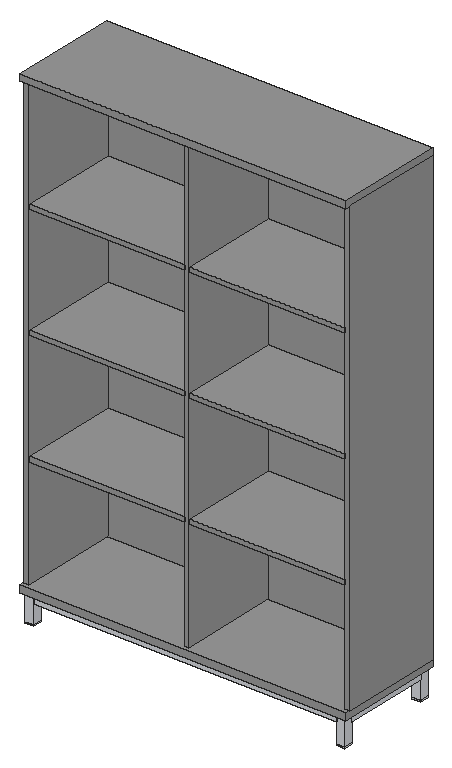
Revit family "Open Fronted Modular Storage With Glass Door Options", category Furniture, Revit 2019 (continued)
Definition of nested family "Glass Doors - GHD2 - Level 1"
  Definition of nested family "Handle Type C-1"
    Lines and regions (mm)
      model lines, detail levels coarse+medium
        curve 1: line (68, 0, 981.138) -> (-68, 0, 981.138)
      model lines, not visible, detail levels coarse+medium
        curve 2: line (0, 0, 986.138) -> (0, 0, 976.138)
      model lines, not visible
        curve 3: line (0, 0, 981.138) -> (0, -30, 981.138)
        curve 5: line (-75, 0, 976.138) -> (-75, 0, 986.138)
        curve 6: line (75, 0, 986.138) -> (75, 0, 976.138)
      sketch lines
        curve 4: arc (-78.75, 3.75, 981.138) -> (0, -30, 981.138) -> (78.75, 3.75, 981.138) r 108.75
    Dimensions and locks
      equal spacing: plane 4, plane 3 "Center (Left/Right)", plane 5
      locked: plane 4 to plane 5 at 950
      equal spacing: plane 7, plane 1 "Center (Front/Back)", plane 8
      locked: plane 7 to plane 8 at 520
      aligned and locked: level to plane 2
    Automatic sketch dimensions
      curve 3 to plane 1 "Center (Front/Back)" = 0 mm
      plane 1 "Center (Front/Back)" to curve 3 = 30 mm
      curve 2 to plane 3 "Center (Left/Right)" = 0 mm
      level to curve 2 = 976.138 mm
      curve 1 to plane 3 "Center (Left/Right)" = 68 mm
      curve 5 to curve 1 = 7 mm
      plane 3 "Center (Left/Right)" to curve 1 = 68 mm
      curve 1 to curve 6 = 7 mm
      curve 6 to curve 2 = 0 mm
      curve 5 to curve 2 = 0 mm
      curve 5 to curve 1 = 5 mm
      curve 1 to curve 6 = 5 mm
      curve 1 to curve 5 = 5 mm
      curve 2 to curve 2 = 10 mm
      plane 1 "Center (Front/Back)" to Extrusion 1 sketch curve = 0 mm
      Extrusion 1 sketch curve to plane 1 "Center (Front/Back)" = 27.401 mm
      plane 3 "Center (Left/Right)" to Extrusion 1 sketch curve = 96.638 mm
      Extrusion 1 sketch curve to plane 3 "Center (Left/Right)" = 90.862 mm
      Sweep 2 sketch curve to profile plane = 0 mm  (x2)
      level to curve 3 = 981.138 mm
      radius of Sweep 2 sketch curve = 5 mm
  Definition of nested family "Handle Type B-1"
    Parameters (values of type "Handle Type B-1")
      URL = "www.gof.co.uk"
      Type Comments = ""
      Range = "STORAGE"
      Handle Type B = none
      Product Code = "Handle Type B"
      Model = ""
      Manufacturer = "Gresham Office Furniture"  # constant formula
      Assembly Code = "E2020200"
    Reference planes
      plane 1 "Center (Front/Back)": y = 0
      plane 2: z = 0
      plane 3 "Center (Left/Right)": x = 0
      plane 4: x = -475
      plane 5: x = 475
      plane 6: y = 260
      plane 7: y = -260
    Forms (mm)
      Extrusion 1, void
        sketch origin (872.923, -128.373, 994.578) x (0, 1, 0) y (-1, 0, 0)
          loop
            line (71.667, 873.923) -> (71.667, 872.291) -> (97.075, 872.291) -> (97.075, 873.923) -> (71.667, 873.923)
        from -6 to 6
      Extrusion 2, solid
        sketch origin (988.138, 0, 994.578) x (0, 0, 1) y (-1, 0, 0)
          loop
            circle (0, 1063.138) r 4
          loop
            circle (0, 913.138) r 4
        from 0 to 10.354
      Sweep 3, solid
        path in 3D
          loop
            arc (-85, -5, 994.578) -> (0, -30, 994.578) -> (85, -5, 994.578) r 157
        profile origin (0, -30, 994.578) x (0, 1, 0) y (0, 0, 1)
          loop
            spline (0, 7.5) -> (-0.776, 7.244) -> (-1.5, 6.495) -> (-2.121, 5.303) -> (-2.598, 3.75) -> (-2.898, 1.941) -> (-3, 0) -> (-2.898, -1.941) -> (-2.598, -3.75) -> (-2.121, -5.303) -> (-1.5, -6.495) -> (-0.776, -7.244) -> (0, -7.5)
            spline (0, -7.5) -> (0.776, -7.244) -> (1.5, -6.495) -> (2.121, -5.303) -> (2.598, -3.75) -> (2.898, -1.941) -> (3, 0) -> (2.898, 1.941) -> (2.598, 3.75) -> (2.121, 5.303) -> (1.5, 6.495) -> (0.776, 7.244) -> (0, 7.5)
      Extrusion 4, void
        sketch origin (867.923, -128.373, 994.578) x (0, 1, 0) y (-1, 0, 0)
          loop
            line (71.667, 873.923) -> (71.667, 872.291) -> (97.075, 872.291) -> (97.075, 873.923) -> (71.667, 873.923)
        from -6 to 6
      Extrusion 5, void
        sketch origin (862.923, -128.373, 994.578) x (0, 1, 0) y (-1, 0, 0)
          loop
            line (71.667, 873.923) -> (71.667, 872.291) -> (98.373, 872.291) -> (98.373, 873.923) -> (71.667, 873.923)
        from -6 to 6
      Extrusion 6, void
        sketch origin (857.923, -128.373, 994.578) x (0, 1, 0) y (-1, 0, 0)
          loop
            line (71.667, 873.923) -> (71.667, 872.291) -> (98.373, 872.291) -> (98.373, 873.923) -> (71.667, 873.923)
        from -6 to 6
      Extrusion 7, void
        sketch origin (852.923, -128.373, 994.578) x (0, 1, 0) y (-1, 0, 0)
          loop
            line (71.667, 873.923) -> (71.667, 872.291) -> (98.842, 872.291) -> (98.842, 873.923) -> (71.667, 873.923)
        from -6 to 6
      Extrusion 8, void
        sketch origin (847.923, -128.373, 994.578) x (0, 1, 0) y (-1, 0, 0)
          loop
            line (71.667, 873.923) -> (71.667, 872.291) -> (99.385, 872.291) -> (99.385, 873.923) -> (71.667, 873.923)
        from -6 to 6
      Extrusion 9, void
        sketch origin (842.923, -128.373, 994.578) x (0, 1, 0) y (-1, 0, 0)
          loop
            line (71.667, 873.923) -> (71.667, 872.291) -> (100.2, 872.291) -> (100.2, 873.923) -> (71.667, 873.923)
        from -6 to 6
      Extrusion 10, void
        sketch origin (837.923, -128.373, 994.578) x (0, 1, 0) y (-1, 0, 0)
          loop
            line (71.667, 873.923) -> (71.667, 872.291) -> (100.984, 872.291) -> (100.984, 873.923) -> (71.667, 873.923)
        from -6 to 6
      Extrusion 11, void
        sketch origin (832.923, -128.373, 994.578) x (0, 1, 0) y (-1, 0, 0)
          loop
            line (71.667, 873.923) -> (71.667, 872.291) -> (102.35, 872.291) -> (102.35, 873.923) -> (71.667, 873.923)
        from -6 to 6
      Extrusion 12, void
        sketch origin (-867.923, -128.373, 994.578) x (0, 1, 0) y (-1, 0, 0)
          loop
            line (71.667, -873.923) -> (97.075, -873.923) -> (97.075, -872.291) -> (71.667, -872.291) -> (71.667, -873.923)
        from -6 to 6
      Extrusion 13, void
        sketch origin (-862.923, -128.373, 994.578) x (0, 1, 0) y (-1, 0, 0)
          loop
            line (71.667, -873.923) -> (98.373, -873.923) -> (98.373, -872.291) -> (71.667, -872.291) -> (71.667, -873.923)
        from -6 to 6
      Extrusion 14, void
        sketch origin (-857.923, -128.373, 994.578) x (0, 1, 0) y (-1, 0, 0)
          loop
            line (71.667, -873.923) -> (98.373, -873.923) -> (98.373, -872.291) -> (71.667, -872.291) -> (71.667, -873.923)
        from -6 to 6
      Extrusion 15, void
        sketch origin (-852.923, -128.373, 994.578) x (0, 1, 0) y (-1, 0, 0)
          loop
            line (71.667, -873.923) -> (98.842, -873.923) -> (98.842, -872.291) -> (71.667, -872.291) -> (71.667, -873.923)
        from -6 to 6
      Extrusion 16, void
        sketch origin (-847.923, -128.373, 994.578) x (0, 1, 0) y (-1, 0, 0)
          loop
            line (71.667, -873.923) -> (99.385, -873.923) -> (99.385, -872.291) -> (71.667, -872.291) -> (71.667, -873.923)
        from -6 to 6
      Extrusion 17, void
        sketch origin (-842.923, -128.373, 994.578) x (0, 1, 0) y (-1, 0, 0)
          loop
            line (71.667, -873.923) -> (100.2, -873.923) -> (100.2, -872.291) -> (71.667, -872.291) -> (71.667, -873.923)
        from -6 to 6
      Extrusion 18, void
        sketch origin (-837.923, -128.373, 994.578) x (0, 1, 0) y (-1, 0, 0)
          loop
            line (71.667, -873.923) -> (100.984, -873.923) -> (100.984, -872.291) -> (71.667, -872.291) -> (71.667, -873.923)
        from -6 to 6
      Extrusion 19, void
        sketch origin (-832.923, -128.373, 994.578) x (0, 1, 0) y (-1, 0, 0)
          loop
            line (71.667, -873.923) -> (102.35, -873.923) -> (102.35, -872.291) -> (71.667, -872.291) -> (71.667, -873.923)
        from -6 to 6
    Cuts and joins
      Extrusion 1, Extrusion 4, Extrusion 5, Extrusion 6, Extrusion 7, Extrusion 8, Extrusion 9, Extrusion 10, Extrusion 11, Extrusion 12, Extrusion 13, Extrusion 14, Extrusion 15, Extrusion 16, Extrusion 17, Extrusion 18, Extrusion 19 cuts Sweep 3
    Lines and regions (mm)
      model lines, not visible, detail levels coarse+medium
        curve 1: line (75, 0, 999.578) -> (75, 0, 989.578)
      model lines, not visible
        curve 2: line (-75, 0, 999.578) -> (-75, 0, 989.578)
        curve 4: line (0, 0, 994.578) -> (0, -30, 994.578)
        curve 6: line (0, 0, 999.578) -> (0, 0, 989.578)
      model lines
        curve 3: line (-75, 0, 994.578) -> (75, 0, 994.578)
      sketch lines
        curve 5: arc (-85, -5, 994.578) -> (0, -30, 994.578) -> (85, -5, 994.578) r 157
    Dimensions and locks
      equal spacing: plane 4, plane 3 "Center (Left/Right)", plane 5
      locked: plane 4 to plane 5 at 950
      equal spacing: plane 6, plane 1 "Center (Front/Back)", plane 7
      locked: plane 6 to plane 7 at 520
      aligned and locked: level to plane 2
    Automatic sketch dimensions
      curve 4 to curve 4 = 30 mm
      curve 6 to plane 3 "Center (Left/Right)" = 0 mm
      plane 3 "Center (Left/Right)" to curve 1 = 75 mm
      level to curve 1 = 989.578 mm
      curve 3 to plane 3 "Center (Left/Right)" = 75 mm
      curve 2 to curve 1 = 0 mm
      curve 6 to curve 1 = 0 mm
      curve 2 to curve 3 = 5 mm
      curve 6 to curve 6 = 10 mm
      curve 3 to curve 2 = 5 mm
      curve 3 to curve 1 = 5 mm
      plane 3 "Center (Left/Right)" to Extrusion 1 sketch curve = 0.632 mm
      plane 1 "Center (Front/Back)" to Extrusion 1 sketch curve = 56.707 mm
      Extrusion 1 sketch curve to Extrusion 1 sketch curve = 25.409 mm
      Extrusion 1 sketch curve to plane 3 "Center (Left/Right)" = 1 mm
      plane 3 "Center (Left/Right)" to Extrusion 2 sketch curve = 75 mm
      level to Extrusion 2 sketch curve = 994.578 mm
      Extrusion 2 sketch curve to plane 3 "Center (Left/Right)" = 75 mm
      Extrusion 2 sketch curve to Extrusion 2 sketch curve = 0 mm
      Sweep 3 sketch curve to profile plane = 0 mm  (x2)
      Sweep 3 sketch curve to Sweep 3 sketch curve = 7.5 mm
      Extrusion 4 sketch curve to plane 3 "Center (Left/Right)" = 4.368 mm
      plane 1 "Center (Front/Back)" to Extrusion 4 sketch curve = 56.707 mm
      Extrusion 4 sketch curve to Extrusion 4 sketch curve = 25.409 mm
      Extrusion 4 sketch curve to Extrusion 4 sketch curve = 1.632 mm
      Extrusion 5 sketch curve to plane 3 "Center (Left/Right)" = 9.368 mm
      plane 1 "Center (Front/Back)" to Extrusion 5 sketch curve = 56.707 mm
      Extrusion 5 sketch curve to Extrusion 5 sketch curve = 26.707 mm
      Extrusion 5 sketch curve to Extrusion 5 sketch curve = 1.632 mm
      Extrusion 6 sketch curve to plane 3 "Center (Left/Right)" = 14.368 mm
      plane 1 "Center (Front/Back)" to Extrusion 6 sketch curve = 56.707 mm
      Extrusion 6 sketch curve to Extrusion 6 sketch curve = 26.707 mm
      Extrusion 6 sketch curve to Extrusion 6 sketch curve = 1.632 mm
      Extrusion 7 sketch curve to plane 3 "Center (Left/Right)" = 19.368 mm
      plane 1 "Center (Front/Back)" to Extrusion 7 sketch curve = 56.707 mm
      Extrusion 7 sketch curve to Extrusion 7 sketch curve = 27.176 mm
      Extrusion 7 sketch curve to Extrusion 7 sketch curve = 1.632 mm
      Extrusion 8 sketch curve to plane 3 "Center (Left/Right)" = 24.368 mm
      plane 1 "Center (Front/Back)" to Extrusion 8 sketch curve = 56.707 mm
      Extrusion 8 sketch curve to Extrusion 8 sketch curve = 27.719 mm
      Extrusion 8 sketch curve to Extrusion 8 sketch curve = 1.632 mm
      plane 1 "Center (Front/Back)" to Extrusion 9 sketch curve = 56.707 mm
      plane 1 "Center (Front/Back)" to Extrusion 9 sketch curve = 28.173 mm
      Extrusion 9 sketch curve to plane 3 "Center (Left/Right)" = 29.368 mm
      Extrusion 9 sketch curve to Extrusion 9 sketch curve = 1.632 mm
      plane 1 "Center (Front/Back)" to Extrusion 10 sketch curve = 56.707 mm
      plane 1 "Center (Front/Back)" to Extrusion 10 sketch curve = 27.389 mm
      Extrusion 10 sketch curve to plane 3 "Center (Left/Right)" = 34.368 mm
      Extrusion 10 sketch curve to Extrusion 10 sketch curve = 1.632 mm
      plane 1 "Center (Front/Back)" to Extrusion 11 sketch curve = 56.707 mm
      plane 1 "Center (Front/Back)" to Extrusion 11 sketch curve = 26.024 mm
      Extrusion 11 sketch curve to plane 3 "Center (Left/Right)" = 39.368 mm
      Extrusion 11 sketch curve to Extrusion 11 sketch curve = 1.632 mm
      plane 3 "Center (Left/Right)" to Extrusion 12 sketch curve = 4.368 mm
      plane 1 "Center (Front/Back)" to Extrusion 12 sketch curve = 56.707 mm
      Extrusion 12 sketch curve to Extrusion 12 sketch curve = 25.409 mm
      Extrusion 12 sketch curve to Extrusion 12 sketch curve = 1.632 mm
      plane 3 "Center (Left/Right)" to Extrusion 13 sketch curve = 9.368 mm
      plane 1 "Center (Front/Back)" to Extrusion 13 sketch curve = 56.707 mm
      Extrusion 13 sketch curve to Extrusion 13 sketch curve = 26.707 mm
      Extrusion 13 sketch curve to Extrusion 13 sketch curve = 1.632 mm
      plane 3 "Center (Left/Right)" to Extrusion 14 sketch curve = 14.368 mm
      plane 1 "Center (Front/Back)" to Extrusion 14 sketch curve = 56.707 mm
      Extrusion 14 sketch curve to Extrusion 14 sketch curve = 26.707 mm
      Extrusion 14 sketch curve to Extrusion 14 sketch curve = 1.632 mm
      plane 3 "Center (Left/Right)" to Extrusion 15 sketch curve = 19.368 mm
      plane 1 "Center (Front/Back)" to Extrusion 15 sketch curve = 56.707 mm
      Extrusion 15 sketch curve to Extrusion 15 sketch curve = 27.176 mm
      Extrusion 15 sketch curve to Extrusion 15 sketch curve = 1.632 mm
      plane 3 "Center (Left/Right)" to Extrusion 16 sketch curve = 24.368 mm
      plane 1 "Center (Front/Back)" to Extrusion 16 sketch curve = 56.707 mm
      Extrusion 16 sketch curve to Extrusion 16 sketch curve = 27.719 mm
      Extrusion 16 sketch curve to Extrusion 16 sketch curve = 1.632 mm
      plane 1 "Center (Front/Back)" to Extrusion 17 sketch curve = 56.707 mm
      plane 1 "Center (Front/Back)" to Extrusion 17 sketch curve = 28.173 mm
      plane 3 "Center (Left/Right)" to Extrusion 17 sketch curve = 31 mm
      Extrusion 17 sketch curve to Extrusion 17 sketch curve = 1.632 mm
      plane 1 "Center (Front/Back)" to Extrusion 18 sketch curve = 56.707 mm
      plane 1 "Center (Front/Back)" to Extrusion 18 sketch curve = 27.389 mm
      plane 3 "Center (Left/Right)" to Extrusion 18 sketch curve = 36 mm
      Extrusion 18 sketch curve to Extrusion 18 sketch curve = 1.632 mm
      plane 1 "Center (Front/Back)" to Extrusion 19 sketch curve = 56.707 mm
      plane 1 "Center (Front/Back)" to Extrusion 19 sketch curve = 26.024 mm
      plane 3 "Center (Left/Right)" to Extrusion 19 sketch curve = 41 mm
      Extrusion 19 sketch curve to Extrusion 19 sketch curve = 1.632 mm
      curve 4 to plane 1 "Center (Front/Back)" = 0 mm
      level to curve 4 = 994.578 mm
      radius of Extrusion 2 sketch curve = 4 mm  (x2)
  Definition of nested family "Handle Type D-1"
    Parameters (values of type "Handle Type D-1")
      URL = "www.gof.co.uk"
      Type Comments = ""
      Range = "STORAGE"
      Handle Type D = none
      Product Code = "Handle Type D"
      Model = ""
      Manufacturer = "Gresham Office Furniture"  # constant formula
      Assembly Code = "E2020200"
    Reference planes
      plane 1 "Center (Front/Back)": y = 0
      plane 2: z = 0
      plane 3 "Center (Left/Right)": x = 0
      plane 4: x = -475
      plane 5: x = 475
      plane 6: y = 260
      plane 7: y = -260
    Forms (mm)
      Extrusion 1, solid
        sketch origin (994.578, 0, 994.578) x (0, 0, 1) y (0, 1, 0)
          loop
            line (5, 0) -> (-5, 0) -> (-5, -6.91)
            arc (-5, -6.91) -> (-7.006, -15.176) -> (0, -20) r 7.5
            arc (0, -20) -> (7.006, -15.176) -> (5, -6.91) r 7.5
            line (5, -6.91) -> (5, 0)
        from 919.578 to 1069.578
    Lines and regions (mm)
      model lines, not visible, detail levels coarse+medium
        curve 1: line (75, 0, 999.578) -> (75, 0, 989.578)
        curve 2: line (-75, 0, 999.578) -> (-75, 0, 989.578)
      model lines, detail levels coarse+medium
        curve 3: line (-75, 0, 994.578) -> (75, 0, 994.578)
      model lines, not visible
        curve 4: line (0, 0, 999.578) -> (0, 0, 989.578)
    Dimensions and locks
      aligned and locked: level to plane 2
Definition of nested family "Glass Doors - GHD2 - Level 3"
  Parameters (values of type "Glass Doors - GHD2 - Level 3")
    Width = 1200 mm
    URL = "www.gof.co.uk"
    Range = "STORAGE"
    Product Data Specification = ""
    Product Code = "GHD2"
    Product Brochure = ""
    Model = "BOOKCASE"
    Manufacturer = "Gresham Office Furniture"  # constant formula
    Height = 1816 mm
    Handle Type D [instance] = no
    Handle Type C [instance] = yes
    Handle Type B [instance] = no
    Doors = none
    Depth = 378 mm
  Reference planes
    plane 1 "Center (Front/Back)": y = 0
    plane 2: z = 0
    plane 3 "Center (Left/Right)": x = 0
    plane 4: x = -600
    plane 5: x = 600
    plane 6: y = 189
    plane 7 "Front": y = -189
    plane 8 "Storage Top": z = 1816
    plane 9: z = 1803.5
    plane 10 "Door Front": y = -171
    plane 11: z = 112.5
    plane 12: z = 1791
    plane 13: z = 1400
    plane 14: z = 984
    plane 15: z = 959
    plane 16: z = 1375
    plane 17: z = 125
    plane 18: z = 100
  Forms (mm)
    Extrusion 1, solid, material <- "Doors"
      sketch origin (-839.743, -182, 1951.4) x (1, 0, 0) y (0, 0, 1)
        loop
          line (840.743, -992.4) -> (1439.743, -992.4) -> (1439.743, -163.4) -> (840.743, -163.4) -> (840.743, -992.4)
      from 0 to 7
    Extrusion 2, solid, material <- "Doors"
      sketch origin (839.743, -182, 1951.4) x (-1, 0, 0) y (0, 0, -1)
        loop
          line (840.743, 992.4) -> (840.743, 163.4) -> (1439.743, 163.4) -> (1439.743, 992.4) -> (840.743, 992.4)
      from 0 to 7
    Extrusion 3, solid
      sketch origin (0, -189, 832) x (-1, 0, 0) y (0, 0, 1)
        loop
          arc (570, 926) -> (553, 909) -> (570, 892) r 17
          line (570, 892) -> (595, 892) -> (595, 926) -> (570, 926)
      from 0 to -5
    Extrusion 4, solid
      sketch origin (0, -189, 832) x (1, 0, 0) y (0, 0, -1)
        loop
          line (570, -926) -> (595, -926) -> (595, -892) -> (570, -892)
          arc (570, -892) -> (553, -909) -> (570, -926) r 17
      from 0 to -5
    Extrusion 5, solid
      sketch origin (0, -189, 1943) x (1, 0, 0) y (0, 0, -1)
        loop
          arc (570, 954) -> (553, 937) -> (570, 920) r 17
          line (570, 920) -> (595, 920) -> (595, 954) -> (570, 954)
      from 0 to -5
    Extrusion 6, solid
      sketch origin (0, -189, 1943) x (-1, 0, 0) y (0, 0, 1)
        loop
          line (570, -954) -> (595, -954) -> (595, -920) -> (570, -920)
          arc (570, -920) -> (553, -937) -> (570, -954) r 17
      from 0 to -5
  Dimensions and locks
    equal spacing: plane 4, plane 3 "Center (Left/Right)", plane 5
    "Width": plane 4 to plane 5
    equal spacing: plane 6, plane 1 "Center (Front/Back)", plane 7 "Front"
    "Depth": plane 6 to plane 7 "Front"
    "Height": plane 8 "Storage Top" to plane 2
    locked: plane 8 "Storage Top" to plane 9 at 12.5
    locked: plane 10 "Door Front" to plane 7 "Front" at 18
    locked: plane 11 to level at 112.5
    locked: plane 8 "Storage Top" to plane 12 at 25
    plane 12 to plane 11 = 1678.5 mm  (x2)
    locked: plane 13 to level at 1400
    locked: plane 14 to level at 984
    locked: plane 14 to plane 15 at 25
    locked: plane 13 to plane 16 at 25
    locked: plane 17 to plane 18 at 25
    locked: Extrusion 1 sketch curve to plane 3 "Center (Left/Right)" at 1
    locked: Extrusion 1 to nested 2 at 99
    locked: Extrusion 1 to nested 3 at 99
    locked: Extrusion 2 to nested 6 at 99
    locked: Extrusion 2 to nested 5 at 99
    locked: Extrusion 2 to Extrusion 3 at 5
    locked: Extrusion 2 to Extrusion 3 at 30
    locked: Extrusion 4 to plane 5 at 5
    locked: Extrusion 1 to nested 1 at 99
    locked: nested 1 to Extrusion 1 at 84
    locked: Extrusion 2 to nested 4 at 99
    locked: nested 4 to Extrusion 2 at 84
    locked: Extrusion 5 to Extrusion 1 at 30
    locked: Extrusion 1 to Extrusion 5 at 5
    locked: Extrusion 2 to Extrusion 6 at 5
    locked: plane 12 to Extrusion 1 at 3
    locked: Extrusion 6 to Extrusion 2 at 30
    Extrusion 2 to nested 4 = 99 mm
    aligned and locked: level to plane 2
    aligned and locked: Extrusion 4 to Extrusion 3
    aligned and locked: Extrusion 6 to Extrusion 5
    aligned and locked: Extrusion 2 to plane 15
  Automatic sketch dimensions
    Extrusion 2 sketch curve to plane 4 = 0 mm
    Extrusion 2 sketch curve to plane 3 "Center (Left/Right)" = 1 mm
    Extrusion 2 sketch curve to plane 12 = 3 mm
    plane 14 to Extrusion 2 sketch curve = 25 mm
    plane 4 to Extrusion 3 sketch curve = 30 mm
    plane 4 to Extrusion 3 sketch curve = 5 mm
    Extrusion 3 sketch curve to plane 12 = 67 mm
    Extrusion 3 sketch curve to Extrusion 3 sketch curve = 17 mm
    Extrusion 4 sketch curve to plane 5 = 30 mm
    Extrusion 4 sketch curve to plane 5 = 5 mm
    plane 12 to Extrusion 4 sketch curve = 67 mm
    Extrusion 4 sketch curve to Extrusion 4 sketch curve = 17 mm
    plane 5 to Extrusion 1 sketch curve = 0 mm
    Extrusion 1 sketch curve to plane 15 = 0 mm
    Extrusion 1 sketch curve to plane 12 = 3 mm
    Extrusion 5 sketch curve to plane 14 = 5 mm
    plane 5 to Extrusion 5 sketch curve = 30 mm
    plane 5 to Extrusion 5 sketch curve = 5 mm
    Extrusion 5 sketch curve to Extrusion 5 sketch curve = 17 mm
    plane 14 to Extrusion 6 sketch curve = 5 mm
    Extrusion 6 sketch curve to plane 4 = 30 mm
    Extrusion 6 sketch curve to plane 4 = 5 mm
    Extrusion 6 sketch curve to Extrusion 6 sketch curve = 17 mm
  Nested families
    nested 1: "Handle Type C-1" at (175, -189, 61.862) x (-1, 0, 0) z (0, 0, 1), visible <- "Handle Type C", type "Handle Type C-1"
    nested 2: "Handle Type B-1" at (175, -189, 48.422) x (-1, 0, 0) z (0, 0, 1), visible <- "Handle Type B", type "Handle Type B-1"
    nested 3: "Handle Type D-1" at (175, -189, 48.422) x (-1, 0, 0) z (0, 0, 1), visible <- "Handle Type D", type "Handle Type D-1"
    nested 4: "Handle Type C-1" at (-175, -189, 61.862), visible <- "Handle Type C", type "Handle Type C-1"
    nested 5: "Handle Type B-1" at (-175, -189, 48.422), visible <- "Handle Type B", type "Handle Type B-1"
    nested 6: "Handle Type D-1" at (-175, -189, 48.422), visible <- "Handle Type D", type "Handle Type D-1"
  Definition of nested family "Handle Type C-1"
    Parameters (values of type "Handle Type C-1")
      URL = "www.gof.co.uk"
      Type Comments = ""
      Range = "STORAGE"
      Handle Type C = none
      Product Code = "Handle Type C"
      Model = ""
      Manufacturer = "Gresham Office Furniture"  # constant formula
      Assembly Code = "E2020200"
    Reference planes
      plane 1 "Center (Front/Back)": y = 0
      plane 2: z = 0
      plane 3 "Center (Left/Right)": x = 0
      plane 4: x = -475
      plane 5: x = 475
      plane 6 "Storage Top": z = 2007
      plane 7: y = 260
      plane 8: y = -260
    Forms (mm)
      Extrusion 1, void
        sketch origin (981.138, 0, 981.138) x (0, 1, 0) y (-1, 0, 0)
          loop
            line (0, 1072) -> (0, 884.5) -> (27.401, 884.5) -> (27.401, 1072) -> (0, 1072)
        from -12.204 to 11.22
      Sweep 2, solid, material <- "Handle Type C"
        path in 3D
          loop
            arc (-78.75, 3.75, 981.138) -> (0, -30, 981.138) -> (78.75, 3.75, 981.138) r 108.75
        profile origin (0, -30, 981.138) x (0, 1, 0) y (0, 0, 1)
          loop
            circle (0, 0) r 5
    Cuts and joins
      Extrusion 1 cuts Sweep 2
    Lines and regions (mm)
      model lines, detail levels coarse+medium
        curve 1: line (68, 0, 981.138) -> (-68, 0, 981.138)
      model lines, not visible, detail levels coarse+medium
        curve 2: line (0, 0, 986.138) -> (0, 0, 976.138)
      model lines, not visible
        curve 3: line (0, 0, 981.138) -> (0, -30, 981.138)
        curve 5: line (-75, 0, 976.138) -> (-75, 0, 986.138)
        curve 6: line (75, 0, 986.138) -> (75, 0, 976.138)
      sketch lines
        curve 4: arc (-78.75, 3.75, 981.138) -> (0, -30, 981.138) -> (78.75, 3.75, 981.138) r 108.75
    Dimensions and locks
      equal spacing: plane 4, plane 3 "Center (Left/Right)", plane 5
      locked: plane 4 to plane 5 at 950
      equal spacing: plane 7, plane 1 "Center (Front/Back)", plane 8
      locked: plane 7 to plane 8 at 520
      aligned and locked: level to plane 2
    Automatic sketch dimensions
      curve 3 to plane 1 "Center (Front/Back)" = 0 mm
      plane 1 "Center (Front/Back)" to curve 3 = 30 mm
      curve 2 to plane 3 "Center (Left/Right)" = 0 mm
      level to curve 2 = 976.138 mm
      curve 1 to plane 3 "Center (Left/Right)" = 68 mm
      curve 5 to curve 1 = 7 mm
      plane 3 "Center (Left/Right)" to curve 1 = 68 mm
      curve 1 to curve 6 = 7 mm
      curve 6 to curve 2 = 0 mm
      curve 5 to curve 2 = 0 mm
      curve 5 to curve 1 = 5 mm
      curve 1 to curve 6 = 5 mm
      curve 1 to curve 5 = 5 mm
      curve 2 to curve 2 = 10 mm
      plane 1 "Center (Front/Back)" to Extrusion 1 sketch curve = 0 mm
      Extrusion 1 sketch curve to plane 1 "Center (Front/Back)" = 27.401 mm
      plane 3 "Center (Left/Right)" to Extrusion 1 sketch curve = 96.638 mm
      Extrusion 1 sketch curve to plane 3 "Center (Left/Right)" = 90.862 mm
      Sweep 2 sketch curve to profile plane = 0 mm  (x2)
      level to curve 3 = 981.138 mm
      radius of Sweep 2 sketch curve = 5 mm
  Definition of nested family "Handle Type B-1"
    Parameters (values of type "Handle Type B-1")
      URL = "www.gof.co.uk"
      Type Comments = ""
      Range = "STORAGE"
      Handle Type B = none
      Product Code = "Handle Type B"
      Model = ""
      Manufacturer = "Gresham Office Furniture"  # constant formula
      Assembly Code = "E2020200"
    Reference planes
      plane 1 "Center (Front/Back)": y = 0
      plane 2: z = 0
      plane 3 "Center (Left/Right)": x = 0
      plane 4: x = -475
      plane 5: x = 475
      plane 6: y = 260
      plane 7: y = -260
    Forms (mm)
      Extrusion 1, void
        sketch origin (872.923, -128.373, 994.578) x (0, 1, 0) y (-1, 0, 0)
          loop
            line (71.667, 873.923) -> (71.667, 872.291) -> (97.075, 872.291) -> (97.075, 873.923) -> (71.667, 873.923)
        from -6 to 6
      Extrusion 2, solid
        sketch origin (988.138, 0, 994.578) x (0, 0, 1) y (-1, 0, 0)
          loop
            circle (0, 1063.138) r 4
          loop
            circle (0, 913.138) r 4
        from 0 to 10.354
      Sweep 3, solid
        path in 3D
          loop
            arc (-85, -5, 994.578) -> (0, -30, 994.578) -> (85, -5, 994.578) r 157
        profile origin (0, -30, 994.578) x (0, 1, 0) y (0, 0, 1)
          loop
            spline (0, 7.5) -> (-0.776, 7.244) -> (-1.5, 6.495) -> (-2.121, 5.303) -> (-2.598, 3.75) -> (-2.898, 1.941) -> (-3, 0) -> (-2.898, -1.941) -> (-2.598, -3.75) -> (-2.121, -5.303) -> (-1.5, -6.495) -> (-0.776, -7.244) -> (0, -7.5)
            spline (0, -7.5) -> (0.776, -7.244) -> (1.5, -6.495) -> (2.121, -5.303) -> (2.598, -3.75) -> (2.898, -1.941) -> (3, 0) -> (2.898, 1.941) -> (2.598, 3.75) -> (2.121, 5.303) -> (1.5, 6.495) -> (0.776, 7.244) -> (0, 7.5)
      Extrusion 4, void
        sketch origin (867.923, -128.373, 994.578) x (0, 1, 0) y (-1, 0, 0)
          loop
            line (71.667, 873.923) -> (71.667, 872.291) -> (97.075, 872.291) -> (97.075, 873.923) -> (71.667, 873.923)
        from -6 to 6
      Extrusion 5, void
        sketch origin (862.923, -128.373, 994.578) x (0, 1, 0) y (-1, 0, 0)
          loop
            line (71.667, 873.923) -> (71.667, 872.291) -> (98.373, 872.291) -> (98.373, 873.923) -> (71.667, 873.923)
        from -6 to 6
      Extrusion 6, void
        sketch origin (857.923, -128.373, 994.578) x (0, 1, 0) y (-1, 0, 0)
          loop
            line (71.667, 873.923) -> (71.667, 872.291) -> (98.373, 872.291) -> (98.373, 873.923) -> (71.667, 873.923)
        from -6 to 6
      Extrusion 7, void
        sketch origin (852.923, -128.373, 994.578) x (0, 1, 0) y (-1, 0, 0)
          loop
            line (71.667, 873.923) -> (71.667, 872.291) -> (98.842, 872.291) -> (98.842, 873.923) -> (71.667, 873.923)
        from -6 to 6
      Extrusion 8, void
        sketch origin (847.923, -128.373, 994.578) x (0, 1, 0) y (-1, 0, 0)
          loop
            line (71.667, 873.923) -> (71.667, 872.291) -> (99.385, 872.291) -> (99.385, 873.923) -> (71.667, 873.923)
        from -6 to 6
      Extrusion 9, void
        sketch origin (842.923, -128.373, 994.578) x (0, 1, 0) y (-1, 0, 0)
          loop
            line (71.667, 873.923) -> (71.667, 872.291) -> (100.2, 872.291) -> (100.2, 873.923) -> (71.667, 873.923)
        from -6 to 6
      Extrusion 10, void
        sketch origin (837.923, -128.373, 994.578) x (0, 1, 0) y (-1, 0, 0)
          loop
            line (71.667, 873.923) -> (71.667, 872.291) -> (100.984, 872.291) -> (100.984, 873.923) -> (71.667, 873.923)
        from -6 to 6
      Extrusion 11, void
        sketch origin (832.923, -128.373, 994.578) x (0, 1, 0) y (-1, 0, 0)
          loop
            line (71.667, 873.923) -> (71.667, 872.291) -> (102.35, 872.291) -> (102.35, 873.923) -> (71.667, 873.923)
        from -6 to 6
      Extrusion 12, void
        sketch origin (-867.923, -128.373, 994.578) x (0, 1, 0) y (-1, 0, 0)
          loop
            line (71.667, -873.923) -> (97.075, -873.923) -> (97.075, -872.291) -> (71.667, -872.291) -> (71.667, -873.923)
        from -6 to 6
      Extrusion 13, void
        sketch origin (-862.923, -128.373, 994.578) x (0, 1, 0) y (-1, 0, 0)
          loop
            line (71.667, -873.923) -> (98.373, -873.923) -> (98.373, -872.291) -> (71.667, -872.291) -> (71.667, -873.923)
        from -6 to 6
      Extrusion 14, void
        sketch origin (-857.923, -128.373, 994.578) x (0, 1, 0) y (-1, 0, 0)
          loop
            line (71.667, -873.923) -> (98.373, -873.923) -> (98.373, -872.291) -> (71.667, -872.291) -> (71.667, -873.923)
        from -6 to 6
      Extrusion 15, void
        sketch origin (-852.923, -128.373, 994.578) x (0, 1, 0) y (-1, 0, 0)
          loop
            line (71.667, -873.923) -> (98.842, -873.923) -> (98.842, -872.291) -> (71.667, -872.291) -> (71.667, -873.923)
        from -6 to 6
      Extrusion 16, void
        sketch origin (-847.923, -128.373, 994.578) x (0, 1, 0) y (-1, 0, 0)
          loop
            line (71.667, -873.923) -> (99.385, -873.923) -> (99.385, -872.291) -> (71.667, -872.291) -> (71.667, -873.923)
        from -6 to 6
      Extrusion 17, void
        sketch origin (-842.923, -128.373, 994.578) x (0, 1, 0) y (-1, 0, 0)
          loop
            line (71.667, -873.923) -> (100.2, -873.923) -> (100.2, -872.291) -> (71.667, -872.291) -> (71.667, -873.923)
        from -6 to 6
      Extrusion 18, void
        sketch origin (-837.923, -128.373, 994.578) x (0, 1, 0) y (-1, 0, 0)
          loop
            line (71.667, -873.923) -> (100.984, -873.923) -> (100.984, -872.291) -> (71.667, -872.291) -> (71.667, -873.923)
        from -6 to 6
      Extrusion 19, void
        sketch origin (-832.923, -128.373, 994.578) x (0, 1, 0) y (-1, 0, 0)
          loop
            line (71.667, -873.923) -> (102.35, -873.923) -> (102.35, -872.291) -> (71.667, -872.291) -> (71.667, -873.923)
        from -6 to 6
    Cuts and joins
      Extrusion 1, Extrusion 4, Extrusion 5, Extrusion 6, Extrusion 7, Extrusion 8, Extrusion 9, Extrusion 10, Extrusion 11, Extrusion 12, Extrusion 13, Extrusion 14, Extrusion 15, Extrusion 16, Extrusion 17, Extrusion 18, Extrusion 19 cuts Sweep 3
    Lines and regions (mm)
      model lines, not visible, detail levels coarse+medium
        curve 1: line (75, 0, 999.578) -> (75, 0, 989.578)
      model lines, not visible
        curve 2: line (-75, 0, 999.578) -> (-75, 0, 989.578)
        curve 4: line (0, 0, 994.578) -> (0, -30, 994.578)
        curve 6: line (0, 0, 999.578) -> (0, 0, 989.578)
      model lines
        curve 3: line (-75, 0, 994.578) -> (75, 0, 994.578)
      sketch lines
        curve 5: arc (-85, -5, 994.578) -> (0, -30, 994.578) -> (85, -5, 994.578) r 157
    Dimensions and locks
      equal spacing: plane 4, plane 3 "Center (Left/Right)", plane 5
      locked: plane 4 to plane 5 at 950
      equal spacing: plane 6, plane 1 "Center (Front/Back)", plane 7
      locked: plane 6 to plane 7 at 520
      aligned and locked: level to plane 2
    Automatic sketch dimensions
      curve 4 to curve 4 = 30 mm
      curve 6 to plane 3 "Center (Left/Right)" = 0 mm
      plane 3 "Center (Left/Right)" to curve 1 = 75 mm
      level to curve 1 = 989.578 mm
      curve 3 to plane 3 "Center (Left/Right)" = 75 mm
      curve 2 to curve 1 = 0 mm
      curve 6 to curve 1 = 0 mm
      curve 2 to curve 3 = 5 mm
      curve 6 to curve 6 = 10 mm
      curve 3 to curve 2 = 5 mm
      curve 3 to curve 1 = 5 mm
      plane 3 "Center (Left/Right)" to Extrusion 1 sketch curve = 0.632 mm
      plane 1 "Center (Front/Back)" to Extrusion 1 sketch curve = 56.707 mm
      Extrusion 1 sketch curve to Extrusion 1 sketch curve = 25.409 mm
      Extrusion 1 sketch curve to plane 3 "Center (Left/Right)" = 1 mm
      plane 3 "Center (Left/Right)" to Extrusion 2 sketch curve = 75 mm
      level to Extrusion 2 sketch curve = 994.578 mm
      Extrusion 2 sketch curve to plane 3 "Center (Left/Right)" = 75 mm
      Extrusion 2 sketch curve to Extrusion 2 sketch curve = 0 mm
      Sweep 3 sketch curve to profile plane = 0 mm  (x2)
      Sweep 3 sketch curve to Sweep 3 sketch curve = 7.5 mm
      Extrusion 4 sketch curve to plane 3 "Center (Left/Right)" = 4.368 mm
      plane 1 "Center (Front/Back)" to Extrusion 4 sketch curve = 56.707 mm
      Extrusion 4 sketch curve to Extrusion 4 sketch curve = 25.409 mm
      Extrusion 4 sketch curve to Extrusion 4 sketch curve = 1.632 mm
      Extrusion 5 sketch curve to plane 3 "Center (Left/Right)" = 9.368 mm
      plane 1 "Center (Front/Back)" to Extrusion 5 sketch curve = 56.707 mm
      Extrusion 5 sketch curve to Extrusion 5 sketch curve = 26.707 mm
      Extrusion 5 sketch curve to Extrusion 5 sketch curve = 1.632 mm
      Extrusion 6 sketch curve to plane 3 "Center (Left/Right)" = 14.368 mm
      plane 1 "Center (Front/Back)" to Extrusion 6 sketch curve = 56.707 mm
      Extrusion 6 sketch curve to Extrusion 6 sketch curve = 26.707 mm
      Extrusion 6 sketch curve to Extrusion 6 sketch curve = 1.632 mm
      Extrusion 7 sketch curve to plane 3 "Center (Left/Right)" = 19.368 mm
      plane 1 "Center (Front/Back)" to Extrusion 7 sketch curve = 56.707 mm
      Extrusion 7 sketch curve to Extrusion 7 sketch curve = 27.176 mm
      Extrusion 7 sketch curve to Extrusion 7 sketch curve = 1.632 mm
      Extrusion 8 sketch curve to plane 3 "Center (Left/Right)" = 24.368 mm
      plane 1 "Center (Front/Back)" to Extrusion 8 sketch curve = 56.707 mm
      Extrusion 8 sketch curve to Extrusion 8 sketch curve = 27.719 mm
      Extrusion 8 sketch curve to Extrusion 8 sketch curve = 1.632 mm
      plane 1 "Center (Front/Back)" to Extrusion 9 sketch curve = 56.707 mm
      plane 1 "Center (Front/Back)" to Extrusion 9 sketch curve = 28.173 mm
      Extrusion 9 sketch curve to plane 3 "Center (Left/Right)" = 29.368 mm
      Extrusion 9 sketch curve to Extrusion 9 sketch curve = 1.632 mm
      plane 1 "Center (Front/Back)" to Extrusion 10 sketch curve = 56.707 mm
      plane 1 "Center (Front/Back)" to Extrusion 10 sketch curve = 27.389 mm
      Extrusion 10 sketch curve to plane 3 "Center (Left/Right)" = 34.368 mm
      Extrusion 10 sketch curve to Extrusion 10 sketch curve = 1.632 mm
      plane 1 "Center (Front/Back)" to Extrusion 11 sketch curve = 56.707 mm
      plane 1 "Center (Front/Back)" to Extrusion 11 sketch curve = 26.024 mm
      Extrusion 11 sketch curve to plane 3 "Center (Left/Right)" = 39.368 mm
      Extrusion 11 sketch curve to Extrusion 11 sketch curve = 1.632 mm
      plane 3 "Center (Left/Right)" to Extrusion 12 sketch curve = 4.368 mm
      plane 1 "Center (Front/Back)" to Extrusion 12 sketch curve = 56.707 mm
      Extrusion 12 sketch curve to Extrusion 12 sketch curve = 25.409 mm
      Extrusion 12 sketch curve to Extrusion 12 sketch curve = 1.632 mm
      plane 3 "Center (Left/Right)" to Extrusion 13 sketch curve = 9.368 mm
      plane 1 "Center (Front/Back)" to Extrusion 13 sketch curve = 56.707 mm
      Extrusion 13 sketch curve to Extrusion 13 sketch curve = 26.707 mm
      Extrusion 13 sketch curve to Extrusion 13 sketch curve = 1.632 mm
      plane 3 "Center (Left/Right)" to Extrusion 14 sketch curve = 14.368 mm
      plane 1 "Center (Front/Back)" to Extrusion 14 sketch curve = 56.707 mm
      Extrusion 14 sketch curve to Extrusion 14 sketch curve = 26.707 mm
      Extrusion 14 sketch curve to Extrusion 14 sketch curve = 1.632 mm
      plane 3 "Center (Left/Right)" to Extrusion 15 sketch curve = 19.368 mm
      plane 1 "Center (Front/Back)" to Extrusion 15 sketch curve = 56.707 mm
      Extrusion 15 sketch curve to Extrusion 15 sketch curve = 27.176 mm
      Extrusion 15 sketch curve to Extrusion 15 sketch curve = 1.632 mm
      plane 3 "Center (Left/Right)" to Extrusion 16 sketch curve = 24.368 mm
      plane 1 "Center (Front/Back)" to Extrusion 16 sketch curve = 56.707 mm
      Extrusion 16 sketch curve to Extrusion 16 sketch curve = 27.719 mm
      Extrusion 16 sketch curve to Extrusion 16 sketch curve = 1.632 mm
      plane 1 "Center (Front/Back)" to Extrusion 17 sketch curve = 56.707 mm
      plane 1 "Center (Front/Back)" to Extrusion 17 sketch curve = 28.173 mm
      plane 3 "Center (Left/Right)" to Extrusion 17 sketch curve = 31 mm
      Extrusion 17 sketch curve to Extrusion 17 sketch curve = 1.632 mm
      plane 1 "Center (Front/Back)" to Extrusion 18 sketch curve = 56.707 mm
      plane 1 "Center (Front/Back)" to Extrusion 18 sketch curve = 27.389 mm
      plane 3 "Center (Left/Right)" to Extrusion 18 sketch curve = 36 mm
      Extrusion 18 sketch curve to Extrusion 18 sketch curve = 1.632 mm
      plane 1 "Center (Front/Back)" to Extrusion 19 sketch curve = 56.707 mm
      plane 1 "Center (Front/Back)" to Extrusion 19 sketch curve = 26.024 mm
      plane 3 "Center (Left/Right)" to Extrusion 19 sketch curve = 41 mm
      Extrusion 19 sketch curve to Extrusion 19 sketch curve = 1.632 mm
      curve 4 to plane 1 "Center (Front/Back)" = 0 mm
      level to curve 4 = 994.578 mm
      radius of Extrusion 2 sketch curve = 4 mm  (x2)
  Definition of nested family "Handle Type D-1"
    Parameters (values of type "Handle Type D-1")
      URL = "www.gof.co.uk"
      Type Comments = ""
      Range = "STORAGE"
      Handle Type D = none
      Product Code = "Handle Type D"
      Model = ""
      Manufacturer = "Gresham Office Furniture"  # constant formula
      Assembly Code = "E2020200"
    Reference planes
      plane 1 "Center (Front/Back)": y = 0
      plane 2: z = 0
      plane 3 "Center (Left/Right)": x = 0
      plane 4: x = -475
      plane 5: x = 475
      plane 6: y = 260
      plane 7: y = -260
    Forms (mm)
      Extrusion 1, solid
        sketch origin (994.578, 0, 994.578) x (0, 0, 1) y (0, 1, 0)
          loop
            line (5, 0) -> (-5, 0) -> (-5, -6.91)
            arc (-5, -6.91) -> (-7.006, -15.176) -> (0, -20) r 7.5
            arc (0, -20) -> (7.006, -15.176) -> (5, -6.91) r 7.5
            line (5, -6.91) -> (5, 0)
        from 919.578 to 1069.578
    Lines and regions (mm)
      model lines, not visible, detail levels coarse+medium
        curve 1: line (75, 0, 999.578) -> (75, 0, 989.578)
        curve 2: line (-75, 0, 999.578) -> (-75, 0, 989.578)
      model lines, detail levels coarse+medium
        curve 3: line (-75, 0, 994.578) -> (75, 0, 994.578)
      model lines, not visible
        curve 4: line (0, 0, 999.578) -> (0, 0, 989.578)
    Dimensions and locks
      aligned and locked: level to plane 2
Types (3, lengths in mm): name | Product Code | Height | BOF18Z Shelves | BOF14Z Shelves
  BOF18Z | "BOF18Z" | 1816 | yes | yes
  BOF14Z | "BOF14Z" | 1400 | no | yes
  BOF10Z | "BOF10Z" | 985 | no | no
